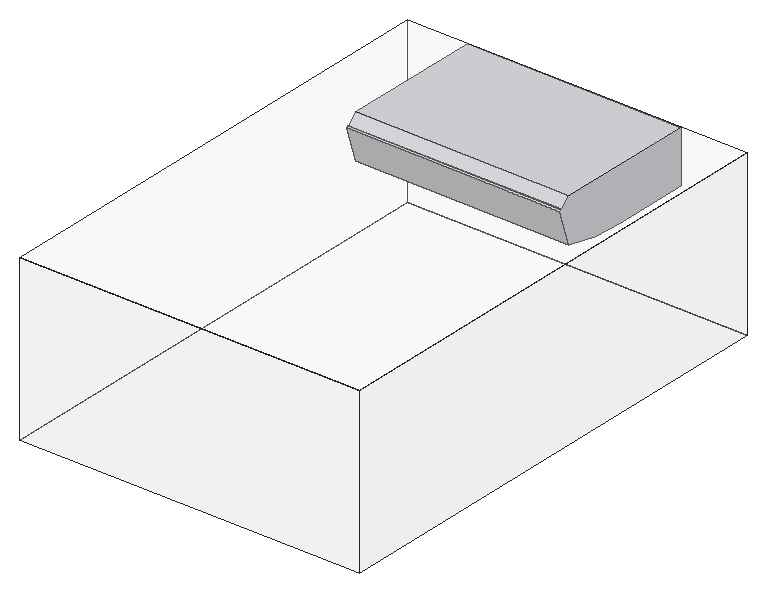
Revit family "pcfy-p45_160kmg8_60Hz", category 機械設備, Revit 2019
Family settings
  丸型コネクタ寸法 = 直径を使用
  パーツ タイプ = 標準
  OmniClass 番号 = 23.75.10.24.21.27.27
  OmniClass タイトル = Split System Air Conditioning Units
  作業面ベース = いいえ
  常に垂直 = はい
  ロード時にボイドで切り取り = いいえ
  共有 = いいえ
  部屋計算ポイント = はい
Parameters (values of type "天吊_PCFY-P45KMG8")
  風量（弱）（m3／min） = 9
  風量（中2）（m3／min） = 10
  風量（中1）（m3／min） = 11
  風量（m3／min） = 12
  風量 = MAX風量  # 720.0 m³/h
  音響パワーレベル（弱）(dB) = 48
  音響パワーレベル（中2）(dB) = 49
  音響パワーレベル（中1）(dB) = 51
  音響パワーレベル(dB) = 53
  電源種別 = ""
  電源_H = 0 mm
  電圧_電気ヒーター = 0 V
  電圧 = 200 V
  電動機出力_送風機 = 0.09 kW
  運転質量 = 0.00 kg
  連動 = ""
  質量 = if(製品質量 > 運転質量, 製品質量, 運転質量) * 1.2  # 28.80 kg
  負荷分類 = 3_ファン類
  説明 = "ビル用マルチ 天吊形室内機"
  設計暖房能力 = 0.00 kW
  設計冷房能力_顕熱 = 0 kW
  設計冷房能力 = 0 kW
  設置方法 = "天井吊形"
  記号 = ""
  製造元 = "三菱電機株式会社"
  製品質量 = 24.00 kg
  製品出荷対象 = "国内"
  製品リリース年月 = "2021年6月30日"
  製品グループ = ""
  系統 = ""
  符号 = "ACP-CR"
  積算_科目 = "1 空気調和設備"
  積算_拾い区分 [instance] = ""
  相 = 1
  盤記号 = ""
  発停方法 = "付属スイッチ"
  特殊仕様 = ""
  点検口離隔 [instance] = if(点検口離隔入力値 > 200 mm, 200 mm, if(点検口離隔入力値 < 150 mm, 150 mm, 点検口離隔入力値))  # 150 mm
  点検口離隔入力値 [instance] = 0 mm
  点検口設置範囲 = 0 mm
  点検口 = yes
  火災停止 = ""
  消費電力_電気ヒーター = 0.00 kW
  消費電力_暖房 = 0.04 kW
  消費電力_加湿器 = 0.00 kW
  消費電力_冷房 = 0.05 kW
  消費電力 = if(消費電力_冷房 > 消費電力_暖房, 消費電力_冷房, 消費電力_暖房) + 消費電力_加湿器 + 消費電力_電気ヒーター  # 0.05 kW
  法定耐用年数 = "6"
  極数 = 1
  材質 = ""
  本体マテリアル = none
  有効加湿量 = 0
  暖房能力 = 5.00 kW
  推奨ブレーカー容量 = 15 A
  形式_加湿器 = ""
  形式 = "天井吊（露出）形"
  幹線記号 = ""
  始動方式 = "直入"
  呼称 = "室内機_天井吊(露出)形"
  周波数 = 60 Hz
  吊り位置Y = 320 mm
  吊り位置X = 917 mm
  吊りボルト_H = 50 mm
  台数_手元リモコン = ""
  台数_冷媒分岐ユニット = ""
  参照している仕様書等のバージョン = "公共建築物標準仕様書（機械設備工事編）平成31年度版"
  加湿給水管径 = 0 mm
  分類コード = "50053003221080"
  分類グループ = ""
  冷房能力 = 4.5 kW
  冷媒高低圧ガス管径 = 0 mm
  冷媒管径符号 = "Ac"
  冷媒管径 = 100 mm
  冷媒液管高さ = 126 mm
  冷媒液管長さ = 184 mm
  冷媒液管径 = 6.35 mm
  冷媒ガス管高さ = 126 mm
  冷媒ガス管長さ = 203 mm
  冷媒ガス管径 = 12.7 mm
  企業コード = "108420"
  付属品_フィルター = ""
  付属品 = ""
  仕様書バージョン = "Version1.0"
  モデル = "PCFY-P45KMG"
  パネルマテリアル = none
  ドレン管高さ = 190 mm
  ドレン管径 (外径) = 26 mm
  ドレン管径 = 20 mm
  サービススペース = yes
  コメント [instance] = ""
  ケーブル種類1 = ""
  ケーブルサイズ1 = 1.6 mm
  Width = 960 mm
  Version = ""
  Uniclass2015Version = "Systems v1.9"
  Uniclass2015Title = "Split coil remote air cooled condensing units"
  Uniclass2015Code = "Pr_70_65_03_84"
  URL = "https://www.mitsubishielectric.co.jp/ldg/wink/ssl/displayProduct.do?pid=311986"
  SpecificationReference = ""
  SpecificationDescription = ""
  Revision = ""
  ProductInformation = ""
  OmniClassCode = "23-33 17 13 11"
  MIN風量 = 風量（弱）（m3／min） * 60.0 m³/h  # 540.0 m³/h
  MID風量2 = 風量（中2）（m3／min） * 60.0 m³/h  # 600.0 m³/h
  MID風量 = 風量（中1）（m3／min） * 60.0 m³/h  # 660.0 m³/h
  MAX風量 = 風量（m3／min） * 60.0 m³/h  # 720.0 m³/h
  IfcTypeProduct = ""
  IfcProduct = ""
  IfcExportType = "AIRCONDITIONINGUNIT"
  IfcExportAs = "IfcUnitaryEquipmentType"
  Height_本体 = 230 mm
  Height = Height_本体 + 6 mm  # 236 mm
  Depth = 680 mm
  Clearance Top = 1 mm
  Clearance Right = 300 mm  # constant formula
  Clearance Left = 270 mm  # constant formula
  Clearance Front = 1500 mm
  Clearance Bottom = 500 mm  # constant formula
  Clearance Back = 0 mm  # constant formula
  Author = "三菱電機株式会社"
Types (9, lengths in mm): name | 風量（弱）（m3／min） | 風量（中2）（m3／min） | 風量（中1）（m3／min） | 風量（m3／min） | 風量 | 音響パワーレベル（弱）(dB) | 音響パワーレベル（中2）(dB) | 音響パワーレベル（中1）(dB) | 音響パワーレベル(dB) | 電動機出力_送風機 | 質量 | 製品質量 | 消費電力_暖房 | 消費電力_冷房 | 消費電力 | 暖房能力 | 吊り位置X | 冷房能力 | 冷媒管径符号 | 冷媒液管径 | 冷媒ガス管長さ | 冷媒ガス管径 | モデル | Width | URL | MIN風量 | MID風量2 | MID風量 | MAX風量
  (no name) | 9 | 10 | 11 | 12 | 720.0 m³/h | 48 | 49 | 51 | 53 | 0.09 kW | 28.80 kg | 24.00 kg | 0.04 kW | 0.05 kW | 0.05 kW | 5.00 kW | 917 | 4.5 kW | "Ac" | 6.35 | 203 | 12.7 | "PCFY-P45KMG" | 960 | "https://www.mitsubishielectric.co.jp/ldg/wink/ssl/displayProduct.do?pid=311986" | 540.0 m³/h | 600.0 m³/h | 660.0 m³/h | 720.0 m³/h
  天吊_PCFY-P45KMG8 | 9 | 10 | 11 | 12 | 720.0 m³/h | 48 | 49 | 51 | 53 | 0.09 kW | 28.80 kg | 24.00 kg | 0.04 kW | 0.05 kW | 0.05 kW | 5.00 kW | 917 | 4.5 kW | "Ac" | 6.35 | 203 | 12.7 | "PCFY-P45KMG" | 960 | "https://www.mitsubishielectric.co.jp/ldg/wink/ssl/displayProduct.do?pid=311986" | 540.0 m³/h | 600.0 m³/h | 660.0 m³/h | 720.0 m³/h
  天吊_PCFY-P56KMG8 | 10 | 11 | 12 | 13 | 780.0 m³/h | 49 | 51 | 53 | 55 | 0.09 kW | 28.80 kg | 24.00 kg | 0.05 kW | 0.06 kW | 0.06 kW | 6.30 kW | 917 | 5.6 kW | "Ac" | 6.35 | 203 | 12.7 | "PCFY-P56KMG" | 960 | "https://www.mitsubishielectric.co.jp/ldg/wink/ssl/displayProduct.do?pid=311987" | 600.0 m³/h | 660.0 m³/h | 720.0 m³/h | 780.0 m³/h
  天吊_PCFY-P71KMG8 | 14 | 15 | 16 | 18 | 1080.0 m³/h | 52 | 53 | 54 | 55 | 0.095 kW | 38.40 kg | 32.00 kg | 0.07 kW | 0.08 kW | 0.08 kW | 8.00 kW | 1237 | 7.1 kW | "Bd" | 9.5 | 200 | 15.9 | "PCFY-P71KMG" | 1280 | "https://www.mitsubishielectric.co.jp/ldg/wink/ssl/displayProduct.do?pid=311988" | 840.0 m³/h | 900.0 m³/h | 960.0 m³/h | 1080.0 m³/h
  天吊_PCFY-P80KMG8 | 14 | 15 | 16 | 18 | 1080.0 m³/h | 52 | 53 | 54 | 55 | 0.095 kW | 38.40 kg | 32.00 kg | 0.07 kW | 0.08 kW | 0.08 kW | 9.00 kW | 1237 | 8 kW | "Bd" | 9.5 | 200 | 15.9 | "PCFY-P80KMG" | 1280 | "https://www.mitsubishielectric.co.jp/ldg/wink/ssl/displayProduct.do?pid=311989" | 840.0 m³/h | 900.0 m³/h | 960.0 m³/h | 1080.0 m³/h
  天吊_PCFY-P90KMG8 | 15 | 16 | 18 | 20 | 1200.0 m³/h | 54 | 55 | 56 | 58 | 0.095 kW | 38.40 kg | 32.00 kg | 0.08 kW | 0.09 kW | 0.09 kW | 10.00 kW | 1237 | 9 kW | "Bd" | 9.5 | 200 | 15.9 | "PCFY-P90KMG" | 1280 | "https://www.mitsubishielectric.co.jp/ldg/wink/ssl/displayProduct.do?pid=311990" | 900.0 m³/h | 960.0 m³/h | 1080.0 m³/h | 1200.0 m³/h
  天吊_PCFY-P112KMG8 | 20 | 22 | 25 | 28 | 1680.0 m³/h | 55 | 57 | 59 | 61 | 0.16 kW | 43.20 kg | 36.00 kg | 0.13 kW | 0.14 kW | 0.14 kW | 12.50 kW | 1557 | 11.2 kW | "Bd" | 9.5 | 200 | 15.9 | "PCFY-P112KMG" | 1600 | "https://www.mitsubishielectric.co.jp/ldg/wink/ssl/displayProduct.do?pid=311991" | 1200.0 m³/h | 1320.0 m³/h | 1500.0 m³/h | 1680.0 m³/h
  天吊_PCFY-P140KMG8 | 21 | 24 | 27 | 31 | 1860.0 m³/h | 57 | 59 | 61 | 63 | 0.16 kW | 45.60 kg | 38.00 kg | 0.15 kW | 0.16 kW | 0.16 kW | 16.00 kW | 1557 | 14 kW | "Bd" | 9.5 | 200 | 15.9 | "PCFY-P140KMG" | 1600 | "https://www.mitsubishielectric.co.jp/ldg/wink/ssl/displayProduct.do?pid=312017" | 1260.0 m³/h | 1440.0 m³/h | 1620.0 m³/h | 1860.0 m³/h
  天吊_PCFY-P160KMG8 | 21 | 24 | 27 | 31 | 1860.0 m³/h | 58 | 60 | 62 | 64 | 0.16 kW | 46.80 kg | 39.00 kg | 0.18 kW | 0.19 kW | 0.19 kW | 18.00 kW | 1557 | 16 kW | "Bd" | 9.5 | 200 | 15.9 | "PCFY-P160KMG" | 1600 | "https://www.mitsubishielectric.co.jp/ldg/wink/ssl/displayProduct.do?pid=311992" | 1260.0 m³/h | 1440.0 m³/h | 1620.0 m³/h | 1860.0 m³/h
Reference planes
  plane 1 "中心(正面/背面)": y = 0
  plane 2: z = 0
  plane 3 "中心(左/右)": x = 0
  plane 4: z = 236
  plane 5: x = -458.5
  plane 6: x = 458.5
  plane 7: y = 260
  plane 8: y = -60
  plane 9: y = 340
  plane 10: y = -340
  plane 11: x = -480
  plane 12: x = 480
  plane 13: x = -750
  plane 14: x = 780
  plane 15: y = 340
  plane 16: y = -1840
  plane 17: z = 237
  plane 18: z = -1020
  plane 19: z = -500
  plane 20: x = -662
Dimensions and locks
  "吊り位置X": plane 5 to plane 6
  equal spacing: plane 5, plane 3 "中心(左/右)", plane 6
  "吊り位置Y": plane 8 to plane 7
  equal spacing: plane 10, plane 1 "中心(正面/背面)", plane 9
  "Depth": plane 10 to plane 9
  equal spacing: plane 11, plane 3 "中心(左/右)", plane 12
  "Width": plane 11 to plane 12
  "Clearance Back": plane 9 to plane 15
  "Clearance Front": plane 16 to plane 10
  "Clearance Right": plane 12 to plane 14
  "Clearance Left": plane 13 to plane 11
  "Height": plane 4 to level
  locked: plane 7 to plane 9 at 80
  "Clearance Bottom": level to plane 19
  "Clearance Top": plane 17 to plane 4
  aligned and locked: level to plane 2
  aligned and locked: plane 5 to nested 2
  aligned and locked: plane 6 to nested 2
  aligned and locked: nested 2 to plane 7
  aligned and locked: plane 8 to nested 2
  aligned and locked: nested 1 to plane 13
  aligned and locked: nested 1 to plane 14
  aligned and locked: plane 16 to nested 1
  aligned and locked: plane 15 to nested 1
  aligned and locked: plane 17 to nested 1
  aligned and locked: plane 1 "中心(正面/背面)" to nested 3
  aligned and locked: plane 3 "中心(左/右)" to nested 3
  aligned and locked: plane 19 to nested 1
Nested families
  nested 1: "サービススペース" at (15, -750, -131.5), visible <- "サービススペース", type "サービススペース"
    with Width 1530 mm, Height 737 mm, Depth 2180 mm
  nested 2: "固定点" at (-458.5, -60, 0), type "固定点"
    with W 917 mm, D 320 mm
  nested 3: "PCFY-P-KMG" at (0, 0, 0), type "PCFY-P-KMG", detail levels fine
Connectors
  electrical at (196, 339, 206), driven by "極数", driven by "負荷分類", driven by "電圧", driven by "消費電力"
    settings: on nested 3, index 1, voltage 200 V, apparent load 50 VA, apparent load phase1 0 VA, apparent load phase2 0 VA, apparent load phase3 0 VA, power factor 1, load classification "3_ファン類", number of poles 1, system type 30, power factor state 1, is connector primary yes, connector utility no, sub classification motor no, connector description ""
  piping at (351.5, 140, 110), diameter 6.35, driven by "冷媒液管径"
    settings: on nested 3, index 2, connector inside diameter 609.6 mm, connector length 0 mm, flow factor 0, pipe flow 0.0 L/s, pressure drop 0.0 Pa, fitting loss kfactor 0, connector angle 0.00°, fixture units 0, engagement length 0 mm, angle of deflection 0.00°, flow configuration 1, flow direction 1, fitting loss method 4, system type 7, joint type 0, gender type 0, connector reference index -1, connector utility 0, adjustable connector no, is connector primary yes, connector description ""
  piping at (342, 94, 46), diameter 20, driven by "ドレン管径"
    settings: on nested 3, index 3, connector inside diameter 609.6 mm, connector length 0 mm, flow factor 0, pipe flow 0.0 L/s, pressure drop 0.0 Pa, fitting loss kfactor 0, connector angle 0.00°, fixture units 0, engagement length 0 mm, angle of deflection 0.00°, flow configuration 1, flow direction 2, fitting loss method 0, system type 16, joint type 0, gender type 0, connector reference index -1, connector utility 0, adjustable connector no, is connector primary no, connector description ""
  piping at (-405, 94, 46), diameter 20, driven by "ドレン管径"
    settings: on nested 3, index 4, connector inside diameter 609.6 mm, connector length 0 mm, flow factor 0, pipe flow 0.0 L/s, pressure drop 0.0 Pa, fitting loss kfactor 0, connector angle 0.00°, fixture units 0, engagement length 0 mm, angle of deflection 0.00°, flow configuration 1, flow direction 2, fitting loss method 4, system type 16, joint type 0, gender type 0, connector reference index -1, connector utility 0, adjustable connector no, is connector primary no, connector description ""
Definition of nested family "サービススペース"
  Parameters (values of type "サービススペース")
    Width [instance] = 500 mm
    Height [instance] = 500 mm
    Depth [instance] = 500 mm
  Reference planes
    plane 1 "中心(正面/背面)": y = 0
    plane 2: z = 0
    plane 3 "中心(左/右)": x = 0
    plane 4: y = -250
    plane 5: x = 250
    plane 6: y = 250
    plane 7: x = -250
    plane 8: z = 250
    plane 9: z = -250
  Forms (mm)
    Extrusion 1, solid
      sketch origin (-638.939, 0, 72.39) x (1, 0, 0) y (0, 1, 0)
        loop
          line (388.939, 250) -> (388.939, -250) -> (888.939, -250) -> (888.939, 250) -> (388.939, 250)
      from -322.39 to 177.61
  Lines and regions (mm)
    symbolic lines
      curve 1: line (-250, 0, 250) -> (250, 0, 250)
      curve 2: line (-250, 0, -250) -> (-250, 0, 250)
      curve 3: line (250, 0, -250) -> (-250, 0, -250)
      curve 4: line (250, 0, 250) -> (250, 0, -250)
      curve 5: line (0, -250, 250) -> (0, 250, 250)
      curve 6: line (0, -250, -250) -> (0, -250, 250)
      curve 7: line (0, 250, -250) -> (0, -250, -250)
      curve 8: line (0, 250, 250) -> (0, 250, -250)
      curve 9: line (-250, 250, 0) -> (250, 250, 0)
      curve 10: line (-250, -250, 0) -> (-250, 250, 0)
      curve 11: line (250, -250, 0) -> (-250, -250, 0)
      curve 12: line (250, 250, 0) -> (250, -250, 0)
  Dimensions and locks
    equal spacing: plane 7, plane 3 "中心(左/右)", plane 5
    equal spacing: plane 4, plane 1 "中心(正面/背面)", plane 6
    "Depth": plane 4 to plane 6
    "Width": plane 7 to plane 5
    equal spacing: plane 8, plane 2, plane 9
    "Height": plane 8 to plane 9
    aligned and locked: plane 9 to curve 3
    aligned and locked: plane 7 to curve 2
    aligned and locked: curve 4 to plane 5
    aligned and locked: plane 5 to Extrusion 1
    aligned and locked: Extrusion 1 to plane 7
    aligned and locked: Extrusion 1 to plane 9
    aligned and locked: plane 8 to Extrusion 1
    aligned and locked: plane 9 to curve 7
  Automatic sketch dimensions
    plane 4 to Extrusion 1 sketch curve = 0 mm
    Extrusion 1 sketch curve to plane 7 = 0 mm
    Extrusion 1 sketch curve to plane 5 = 0 mm
    plane 6 to Extrusion 1 sketch curve = 0 mm
    curve 2 to plane 8 = 0 mm
    plane 4 to curve 11 = 0 mm
    curve 11 to plane 7 = 0 mm
    curve 11 to plane 5 = 0 mm
    plane 6 to curve 10 = 0 mm
    curve 7 to plane 4 = 0 mm
    curve 7 to plane 6 = 0 mm
    curve 6 to plane 8 = 0 mm
Definition of nested family "PCFY-P-KMG"
  Parameters (values of type "PCFY-P-KMG")
    配線取出口サイズ = 22 mm
    配線取出口-Z = 0 mm
    配線取出口-Y = 0 mm
    配線取出口-X = 0 mm
    液配管サイズ = 100 mm
    高さ = 236 mm
    奥行き = 680 mm
    吊りボルト_H = 50 mm
    冷媒配管サイズ = 6.35 mm
    冷媒液管径-Z = 0 mm
    冷媒液管径-Y = 0 mm
    冷媒液管径-X = 0 mm
    冷媒ガス管径-Z = 0 mm
    冷媒ガス管径-Y = 0 mm
    冷媒ガス管径-X = 0 mm
    吊りボルト-W = 917 mm
    マテリアル = none
    ドレン配管サイズ = 26 mm
    ドレン管径-Z = 0 mm
    ドレン管径-Y = 0 mm
    ドレン管径-X = 0 mm
    ガス配管サイズ = 12.7 mm
    吊りボルト-D = 320 mm
    幅さ = 960 mm
  Reference planes
    plane 1 "中心(正面/背面)": y = 0
    plane 2: z = 0
    plane 3 "中心(左/右)": x = 0
    plane 4: z = 236
    plane 5: x = -480
    plane 6: x = 480
    plane 7: y = 340
    plane 8: y = -340
    plane 9: y = -289
    plane 10: y = -330
    plane 11: y = -335
    plane 12: z = 84
    plane 13: z = 172
    plane 14: z = 195
    plane 15: z = 200
    plane 16: z = 40
    plane 17: x = -426.5
    plane 18: x = 426.5
    plane 19: x = 373
    plane 20: y = -136
    plane 21: y = -193
    plane 22: y = 86
    plane 23: z = 110
    plane 24: z = 46
    plane 25: x = -469
    plane 26: y = 156
    plane 27: y = 137
    plane 28: y = 94
    plane 29: x = -158
    plane 30: z = 206
    plane 31: x = -405
    plane 32: x = 342
    plane 33: x = 394
    plane 34: x = 309
    plane 35: x = 196
    plane 36: x = 168
    plane 37: y = 140
  Forms (mm)
    Extrusion 1, solid, material <- "マテリアル"
      sketch origin (480, 1296.25, 1200) x (0, 1, 0) y (0, 0, 1)
        loop
          line (-1585.25, -964) -> (-1626.25, -1000) -> (-1631.25, -1000) -> (-1636.25, -1005) -> (-1585.25, -1160)
          arc (-1585.25, -1160) -> (-1442.128, -1189.953) -> (-1296.25, -1200) r 1064.013
          line (-1296.25, -1200) -> (-956.25, -1200) -> (-956.25, -964) -> (-1585.25, -964)
      from -960 to 0
    Extrusion 2, solid, material <- "マテリアル"
      sketch origin (674, 0, 0) x (1, 0, 0) y (0, 0, 1)
        loop
          circle (-478, 206) r 11
      from -339 to -340
    Extrusion 3, solid, material <- "マテリアル"
      sketch origin (0, 0, 0) x (-1, 0, 0) y (0, 0, -1)
        loop
          circle (-394, -110) r 6.35
      from -140 to -37
    Extrusion 4, solid, material <- "マテリアル"
      sketch origin (0, 0, 0) x (-1, 0, 0) y (0, 0, -1)
        loop
          circle (-351.5, -110) r 50
      from -140 to -37
    Extrusion 5, solid, material <- "マテリアル"
      sketch origin (0, 0, 0) x (-1, 0, 0) y (0, 0, -1)
        loop
          circle (-309, -110) r 3.175
      from -156 to -56
    Extrusion 6, solid, material <- "マテリアル"
      sketch origin (0, 0, 0) x (-1, 0, 0) y (0, 0, -1)
        loop
          circle (405, -46) r 13
        loop
          circle (-342, -46) r 13
      from -94 to 6
    Extrusion 7, solid, material <- "マテリアル"
      sketch origin (646, 0, 0) x (1, 0, 0) y (0, 0, 1)
        loop
          circle (-478, 206) r 11
      from -339 to -340
    Extrusion 8, solid, material <- "マテリアル"
      sketch origin (674, 0, -169) x (1, 0, 0) y (0, 0, 1)
        loop
          circle (-478, 206) r 11
      from -339 to -340
    Extrusion 9, solid, material <- "マテリアル"
      sketch origin (646, 0, -169) x (1, 0, 0) y (0, 0, 1)
        loop
          circle (-478, 206) r 11
      from -339 to -340
  Lines and regions (mm)
    model lines
      curve 1: line (426.5, -303.59, 84.341) -> (426.5, -332.355, 171.766)
      curve 2: line (426.5, -332.355, 171.766) -> (-426.5, -332.355, 171.766)
      curve 3: line (-426.5, -303.59, 84.341) -> (426.5, -303.59, 84.341)
      curve 4: line (-426.5, -332.355, 171.766) -> (-426.5, -303.59, 84.341)
      curve 5: line (-426.5, 310, 0) -> (-426.5, 86, 0)
      curve 6: line (426.5, 310, 0) -> (426.5, 86, 0)
      curve 7: line (426.5, 310, 0) -> (-426.5, 310, 0)
      curve 8: line (426.5, 86, 0) -> (-426.5, 86, 0)
      curve 9: line (426.5, 294, 0) -> (-426.5, 294, 0)
      curve 10: line (426.5, 278, 0) -> (-426.5, 278, 0)
      curve 11: line (426.5, 262, 0) -> (-426.5, 262, 0)
      curve 12: line (426.5, 246, 0) -> (-426.5, 246, 0)
      curve 13: line (426.5, 230, 0) -> (-426.5, 230, 0)
      curve 14: line (426.5, 214, 0) -> (-426.5, 214, 0)
      curve 15: line (426.5, 198, 0) -> (-426.5, 198, 0)
      curve 16: line (426.5, 182, 0) -> (-426.5, 182, 0)
      curve 17: line (426.5, 166, 0) -> (-426.5, 166, 0)
      curve 18: line (426.5, 150, 0) -> (-426.5, 150, 0)
      curve 19: line (426.5, 134, 0) -> (-426.5, 134, 0)
      curve 20: line (426.5, 118, 0) -> (-426.5, 118, 0)
      curve 21: line (426.5, 102, 0) -> (-426.5, 102, 0)
  Dimensions and locks
    equal spacing: plane 8, plane 1 "中心(正面/背面)", plane 7
    "奥行き": plane 8 to plane 7
    equal spacing: plane 5, plane 3 "中心(左/右)", plane 6
    "幅さ": plane 5 to plane 6
    "高さ": plane 4 to level
    locked: plane 8 to plane 11 at 5
    locked: plane 8 to plane 10 at 10
    locked: plane 8 to plane 9 at 51
    locked: plane 12 to level at 84
    locked: plane 14 to level at 195
    locked: plane 15 to level at 200
    locked: plane 16 to level at 40
    plane 17 to plane 18 = 853 mm
    locked: plane 5 to plane 17 at 53.5
    locked: plane 18 to plane 6 at 53.5
    locked: plane 13 to plane 12 at 88
    locked: plane 21 to plane 20 at 57
    locked: plane 20 to plane 7 at 476
    locked: plane 22 to plane 7 at 254
    locked: plane 4 to plane 23 at 126
    locked: plane 4 to plane 24 at 190
    locked: plane 28 to plane 7 at 246
    locked: plane 26 to plane 7 at 184
    locked: plane 27 to plane 7 at 203
    locked: plane 5 to plane 29 at 322
    locked: plane 4 to plane 30 at 30
    plane 33 to plane 6 = 86 mm
    plane 34 to plane 33 = 85 mm
    plane 32 to plane 6 = 138 mm
    plane 5 to plane 31 = 75 mm
    plane 6 to plane 35 = 284 mm
    plane 35 to plane 36 = 28 mm
    "配線取出口サイズ": diameter of Extrusion 2 sketch curve
    "ガス配管サイズ": diameter of Extrusion 3 sketch curve
    "液配管サイズ": diameter of Extrusion 4 sketch curve
    "冷媒配管サイズ": diameter of Extrusion 5 sketch curve
    "ドレン配管サイズ": diameter of Extrusion 6 sketch curve  (x2)
    "配線取出口サイズ": diameter of Extrusion 7 sketch curve
    "配線取出口サイズ": diameter of Extrusion 8 sketch curve
    "配線取出口サイズ": diameter of Extrusion 9 sketch curve
    aligned and locked: level to plane 2
    aligned and locked: Extrusion 1 sketch curve to plane 4
    aligned and locked: Extrusion 1 sketch curve to plane 7
    aligned and locked: Extrusion 1 sketch curve to level
    aligned and locked: plane 15 to Extrusion 1 sketch curve
    aligned and locked: plane 14 to Extrusion 1 sketch curve
    aligned and locked: plane 16 to Extrusion 1 sketch curve
    aligned and locked: Extrusion 1 to plane 5
    aligned and locked: plane 6 to Extrusion 1
    aligned and locked: curve 4 to plane 17
    aligned and locked: plane 18 to curve 1
    aligned and locked: curve 5 to plane 17
    aligned and locked: curve 6 to plane 18
    aligned and locked: curve 8 to plane 22
    aligned and locked: plane 30 to Extrusion 2 sketch curve
    aligned and locked: plane 7 to Extrusion 2
  Automatic sketch dimensions
    plane 7 to curve 7 = 30 mm
    curve 21 to plane 28 = 8 mm
    curve 21 to curve 20 = 16 mm
    plane 27 to curve 19 = 3 mm
    plane 26 to curve 18 = 6 mm
    curve 17 to plane 26 = 10 mm
    curve 17 to curve 16 = 16 mm
    curve 16 to curve 15 = 16 mm
    curve 15 to curve 14 = 16 mm
    curve 14 to curve 13 = 16 mm
    curve 13 to curve 12 = 16 mm
    curve 12 to curve 11 = 16 mm
    curve 11 to curve 10 = 16 mm
    curve 10 to curve 9 = 16 mm
    Extrusion 1 sketch curve to plane 8 = 0 mm
    Extrusion 1 sketch curve to plane 11 = 0 mm
    Extrusion 1 sketch curve to plane 10 = 0 mm
    Extrusion 1 sketch curve to plane 9 = 0 mm  (x2)
    Extrusion 1 sketch curve to plane 1 "中心(正面/背面)" = 0 mm
    Extrusion 1 to curve 1 = 24.459 mm
    curve 3 to Extrusion 1 = 46.68 mm
    Extrusion 1 to curve 4 = 53.5 mm
    Extrusion 1 to curve 3 = 53.5 mm
    Extrusion 2 sketch curve to plane 35 = 0 mm
    Extrusion 3 sketch curve to plane 23 = 0 mm
    Extrusion 3 sketch curve to plane 33 = 0 mm
    Extrusion 4 sketch curve to plane 23 = 0 mm
    Extrusion 4 sketch curve to plane 32 = 9.5 mm
    Extrusion 5 sketch curve to plane 23 = 0 mm
    Extrusion 5 sketch curve to plane 34 = 0 mm
    Extrusion 6 sketch curve to plane 24 = 0 mm  (x2)
    Extrusion 6 sketch curve to plane 32 = 0 mm
    Extrusion 6 sketch curve to plane 31 = 0 mm
    Extrusion 7 sketch curve to plane 30 = 0 mm
    Extrusion 7 sketch curve to plane 36 = 0 mm
    Extrusion 8 sketch curve to plane 35 = 0 mm
    Extrusion 8 sketch curve to plane 16 = 3 mm
    Extrusion 9 sketch curve to plane 36 = 0 mm
    Extrusion 9 sketch curve to plane 16 = 3 mm
Definition of nested family "固定点"
  Parameters (values of type "固定点")
    中心円 = 20 mm
    W [instance] = 1000 mm
    D [instance] = 1000 mm
  Reference planes
    plane 1 "中心(正面/背面)": y = 0
    plane 2: z = 0
    plane 3 "中心(左/右)": x = 0
    plane 4: x = 1000
    plane 5: y = 1000
  Lines and regions (mm)
    symbolic lines, detail levels fine
      curve 1: circle (0, 1000, 0) r 10 normal (0, 0, 1)
      curve 2: circle (0, 0, 0) r 10 normal (0, 0, 1)
      curve 3: circle (1000, 1000, 0) r 10 normal (0, 0, 1)
      curve 4: circle (1000, 0, 0) r 10 normal (0, 0, 1)
      curve 5: line (-200, 1000, 0) -> (1200, 1000, 0)
      curve 6: line (-200, 0, 0) -> (1200, 0, 0)
      curve 7: line (0, 1200, 0) -> (0, -200, 0)
      curve 8: line (1000, 1200, 0) -> (1000, -200, 0)
  Dimensions and locks
    "W": plane 3 "中心(左/右)" to plane 4
    "D": plane 1 "中心(正面/背面)" to plane 5
    "中心円": diameter of curve 1
    "中心円": diameter of curve 2
    "中心円": diameter of curve 3
    "中心円": diameter of curve 4
    aligned and locked: level to plane 2
    aligned and locked: plane 5 to curve 1
    aligned and locked: plane 3 "中心(左/右)" to curve 1
    aligned and locked: plane 3 "中心(左/右)" to curve 2
    aligned and locked: plane 1 "中心(正面/背面)" to curve 2
    aligned and locked: plane 4 to curve 3
    aligned and locked: plane 5 to curve 3
    aligned and locked: plane 1 "中心(正面/背面)" to curve 4
    aligned and locked: plane 4 to curve 4
    aligned and locked: plane 1 "中心(正面/背面)" to curve 6
    aligned and locked: curve 7 to plane 3 "中心(左/右)"
    aligned and locked: curve 8 to plane 4
  Automatic sketch dimensions
    curve 5 to plane 5 = 0 mm
    curve 6 to plane 3 "中心(左/右)" = 200 mm
    curve 5 to plane 3 "中心(左/右)" = 200 mm
    curve 4 to curve 6 = 200 mm
    curve 3 to curve 5 = 200 mm
    plane 1 "中心(正面/背面)" to curve 8 = 200 mm
    plane 1 "中心(正面/背面)" to curve 7 = 200 mm
    curve 3 to curve 8 = 200 mm
    curve 1 to curve 7 = 200 mm
